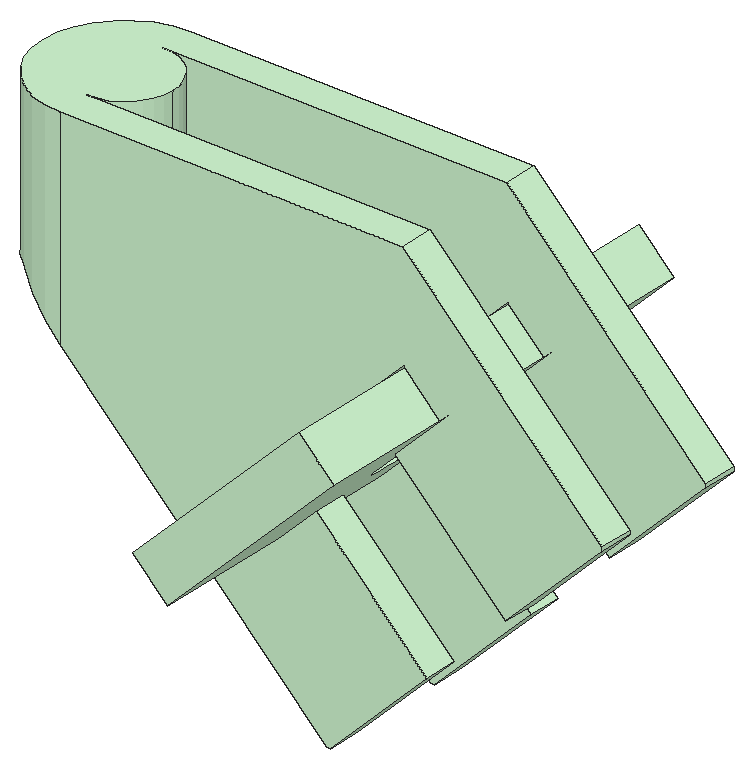
Revit family "BKG42", category 機械設備, Revit 2020
Family settings
  丸型コネクタ寸法 = 直径を使用
  種別 = なし
  パーツ タイプ = 標準
  作業面ベース = いいえ
  常に垂直 = はい
  ロード時にボイドで切り取り = いいえ
  共有 = いいえ
  部屋計算ポイント = いいえ
Parameters
  製造元 = "株式会社桐井製作所"
  既定の高さ = 0 mm
  URL = "https://www.kirii.co.jp/"
  K_許容荷重(引張)(N) = 4200
  K_許容荷重(圧縮)(N) = 4200
  K_品名 = "BKG42"
  K_名称 = "斜め部材(ブレース)上部取付金具"
  K_備考 = "適用角度:30°~60°　キャッチャーボルト（40幅、60幅、65幅）のいすれかと組み合わせて使用する"
  K_バージョン情報 = "20211216"
Reference planes
  plane 1 "中心(正面/背面)": y = 0
  plane 2: z = 0
  plane 3 "中心(左/右)": x = 0
Forms (mm)
  Extrusion 1, solid
    sketch origin (0, 0, 0) x (1, 0, 0) y (0, 1, 0)
      loop
        line (51, 15.4) -> (0, 15.4)
        arc (0, 15.4) -> (-5.445, 13.145) -> (-7.7, 7.7) r 7.7
        arc (-7.7, 7.7) -> (-5.445, 2.255) -> (0, 0) r 7.7
        line (0, 0) -> (51, 0) -> (51, 3.2) -> (0, 3.2)
        arc (0, 3.2) -> (-3.182, 4.518) -> (-4.5, 7.7) r 4.5
        arc (-4.5, 7.7) -> (-3.182, 10.882) -> (0, 12.2) r 4.5
        line (0, 12.2) -> (51, 12.2) -> (51, 15.4)
    from 0 to 44.62
  Extrusion 2, solid
    sketch origin (0, 0, 0) x (1, 0, 0) y (0, 1, 0)
      loop
        circle (0, 7.7) r 4.5
    from 29.62 to 44.62
  Extrusion 3, void
    sketch origin (0, 0, 0) x (1, 0, 0) y (0, 0, 1)
      loop
        line (32.26, 44.62) -> (51, 25.88) -> (51, 44.62) -> (32.26, 44.62)
    from 0 to -15.4
  Extrusion 4, void
    sketch origin (0, 0, 0) x (1, 0, 0) y (0, 0, 1)
      loop
        line (51, 25.5) -> (41.981, 16.481) -> (31.531, 26.931) -> (35.774, 31.174) -> (32.38, 34.568) -> (16.416, 18.604) -> (19.81, 15.21) -> (24.053, 19.452) -> (34.502, 9.002) -> (25.5, 0) -> (51, 0) -> (51, 25.5)
    from 0 to -15.4
  Extrusion 5, void
    sketch origin (0, 0, 0) x (1, 0, 0) y (0, 0, 1)
      loop
        line (-7.7, 0) -> (25.12, 0) -> (-4.5, 29.62) -> (-7.7, 29.62) -> (-7.7, 0)
    from 0 to -15.4
  Extrusion 6, solid
    sketch origin (49.53, -138.842, 51.542) x (0, 1, 0) y (-0.707107, 0, -0.707107)
      loop
        line (126.55, 46.381) -> (126.55, 24.381) -> (166.55, 24.381) -> (166.55, 46.381) -> (126.55, 46.381)
      loop
        circle (146.55, 35.381) r 4.5
    from 0 to -4.675
Cuts and joins
  Extrusion 3, Extrusion 4, Extrusion 5 cuts Extrusion 1
  joined: Extrusion 1, Extrusion 2
Dimensions and locks
  aligned and locked: level to plane 2
